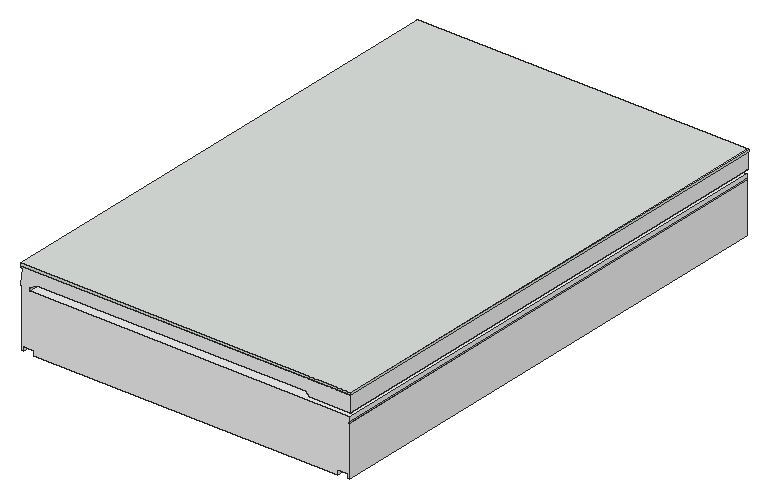
Revit family "Furniture-Mirrored_Cabinet-KOHLER-Verdera-K-99003", category Specialty Equipment, host Face, Revit 2015
Parameters (values of type "Adjustable Magnifying Mirror and Slow-Close Door-NA-Anodized Aluminum Construction")
  Width = 20"  # constant formula
  URL = "https://www.us.kohler.com/us/"
  Type = 1
  Recessed Installation [instance] = no
  Product Page URL = "http://www.us.kohler.com/us/catalog/productDetails.jsp?productNumber=99003-SCF"
  Product Name = "Verdera"  # constant formula
  Product Documentation Link = "http://www.us.kohler.com/onlinecatalog/pdf/K-99003-SCF_spec.pdf"
  Mounting Depth [instance] = if(Recessed Installation, 3 9/16", 0")  # 0"
  Model = if(Type = 1, "K-99003-NA", if(Type = 2, "K-99003-SCF-NA", "NA"))  # "K-99003-NA"
  Material = "Anodized Aluminum Construction "  # constant formula
  MasterFormat 2004 = "10.28.13"  # constant formula
  MasterFormat 1995 = "10820"  # constant formula
  Manufacturer Address = "444 Highland Dr, Kohler, WI 53044"  # constant formula
  Manufacturer = "KOHLER Co."  # constant formula
  Length = 4 3/4"  # constant formula
  Height = 30"  # constant formula
  Finish = Kohler-Metal-NA-Anodized_Aluminum
  Environmental Product Declaration = ""
  Description = if(Type = 1, "20IN W x 30IN H aluminum medicine cabinet with adjustable magnifying mirror and slow-close door", if(Type = 2, "aluminum medicine cabinet with adjustable flip-out flat mirror, 20IN W x 30IN H", "NA"))  # "20IN W x 30IN H aluminum medicine cabinet with adjustable magnifying mirror and slow-close door"
  Default Elevation = 48"
  Declare Label = ""
  Date Modified = "05/10/2018"  # constant formula
  Date Created = "05/10/2018"  # constant formula
  Copyright = "Copyright KOHLER Co."  # constant formula
  Contact Us = "https://www.us.kohler.com/us/static/contact.jsp"
  Assembly Code = "E20"
  ADA Compliant = 1 = 0  # no
Types (2): name | Type | Model | Description
  Adjustable Flip-Out Flat Mirror-NA-Anodized Aluminum Construction | 2 | "K-99003-SCF-NA" | "aluminum medicine cabinet with adjustable flip-out flat mirror, 20IN W x 30IN H"
  Adjustable Magnifying Mirror and Slow-Close Door-NA-Anodized Aluminum Construction | 1 | "K-99003-NA" | "20IN W x 30IN H aluminum medicine cabinet with adjustable magnifying mirror and slow-close door"
Reference planes (in)
  plane 1 "Center (Front/Back)": y = 0
  plane 2: z = 0
  plane 3 "Center (Left/Right)": x = 0
  plane 4 "Mirror Host": z = 0
  plane 5: y = -15.00001
  plane 6: z = 4.75
Forms (in)
  Extrusion 1, void
    sketch origin (0, 0, 0) x (1, 0, 0) y (0, 1, 0)
      loop
        line (10, 15) -> (-10, 15) -> (-10, -15) -> (10, -15) -> (10, 15)
    from -0.32436 to 4.75
Lines and regions (in)
  reference lines
    curve 1: line (10, 15.52231, 0) -> (10, 17.52231, 0)
Dimensions and locks (in)
  "Mounting Depth": plane 4 "Mirror Host" to level
  "Height": nested 1 to nested 1
  "Length": plane 6 to plane 4 "Mirror Host"
  locked: plane 4 "Mirror Host" to Extrusion 1 at 0.32436
  aligned and locked: plane 2 to host face
  aligned and locked: level to host face
  aligned and locked: plane 6 to nested 1
  aligned and locked: Extrusion 1 to nested 1
Automatic sketch dimensions
  host sketch curve to host sketch curve = 96"  (x2)
  curve 1 to plane 1 "Center (Front/Back)" = 15.52231"
  curve 1 to curve 1 = 2"
  Extrusion 1 sketch curve to plane 3 "Center (Left/Right)" = 10"
  plane 5 to Extrusion 1 sketch curve = 0"
  plane 3 "Center (Left/Right)" to Extrusion 1 sketch curve = 10"
  Extrusion 1 sketch curve to plane 1 "Center (Front/Back)" = 15"
  plane 3 "Center (Left/Right)" to curve 1 = 10"
Nested families (in)
  nested 1: "K-99003-SCF-NA" at (0, 0, 0.00064) x (-1, 0, 0) z (0, 0, 1), type "K-99003-SCF"
    with Mounting Depth 0"
Definition of nested family "K-99003-SCF-NA"
  Parameters (values of type "K-99003-SCF")
    Recessed Installation = no
    Mounting Depth [instance] = if(Recessed Installation, 3 9/16", 0")  # 0"
    Finish = none
  Reference planes (in)
    plane 1 "Center (Front/Back)": y = 0
    plane 2: z = 0
    plane 3 "Center (Left/Right)": x = 0
    plane 4: z = 0
  Forms (in)
    Extrusion 1, solid, material <- "Finish"
      sketch origin (0, 0, 0) x (-1, 0, 0) y (0, 0, 1)
        loop
          line (-9.92825, 3.0575) -> (-9.92825, 0.07) -> (-9.77825, 0.07) -> (-9.77825, 0.27) -> (-9.1875, 0.27) -> (-9.1875, 0) -> (9.1875, 0) -> (9.1875, 0.27) -> (9.77825, 0.27) -> (9.77825, 0.07) -> (9.92825, 0.07) -> (9.92825, 3.0575) -> (9.88325, 3.1025) -> (9.9225, 3.1025)
          arc (9.9225, 3.1025) -> (9.93488, 3.11631) -> (9.9375, 3.13467) r 0.03193
          line (9.9375, 3.13467) -> (9.9375, 3.40093)
          arc (9.9375, 3.40093) -> (9.92664, 3.4163) -> (9.90888, 3.4225) r 0.03086
          line (9.90888, 3.4225) -> (-9.90888, 3.4225)
          arc (-9.90888, 3.4225) -> (-9.92664, 3.4163) -> (-9.9375, 3.40093) r 0.03086
          line (-9.9375, 3.40093) -> (-9.9375, 3.13467)
          arc (-9.9375, 3.13467) -> (-9.93488, 3.11631) -> (-9.9225, 3.1025) r 0.03193
          line (-9.9225, 3.1025) -> (-9.88325, 3.1025) -> (-9.92825, 3.0575)
      from -15 to 15
    Extrusion 2, solid
      sketch origin (0, 0, -0.4375) x (-1, 0, 0) y (0, 0, 1)
        loop
          line (-10, 5.17186) -> (-10, 5.08186) -> (-9.97294, 5.06686) -> (9.97294, 5.06686) -> (10, 5.08186) -> (10, 5.17186) -> (9.97294, 5.18686) -> (-9.97294, 5.18686) -> (-10, 5.17186)
      from -15 to 15
    Extrusion 3, solid, material <- "Finish"
      sketch origin (0, 0, -0.4375) x (-1, 0, 0) y (0, 0, 1)
        loop
          line (-9.97, 5.04256) -> (-9.97, 5.01138)
          arc (-9.97, 5.01138) -> (-9.95653, 5.0018) -> (-9.94086, 4.99654) r 0.05645
          line (-9.94086, 4.99654) -> (-9.89038, 4.98139)
          arc (-9.89038, 4.98139) -> (-9.85868, 4.95859) -> (-9.84774, 4.92111) r 0.05994
          arc (-9.84774, 4.92111) -> (-9.88855, 4.49727) -> (-9.9699, 4.07931) r 4.4261
          arc (-9.9699, 4.07931) -> (-9.96622, 4.05866) -> (-9.94847, 4.0475) r 0.02591
          line (-9.94847, 4.0475) -> (-9.91694, 4.0475) -> (-9.91694, 4.01616)
          arc (-9.91694, 4.01616) -> (-9.91099, 3.93719) -> (-9.89327, 3.86) r 0.52684
          line (-9.89327, 3.86) -> (-9.44073, 3.86)
          arc (-9.44073, 3.86) -> (-9.42301, 3.93719) -> (-9.41706, 4.01616) r 0.52684
          line (-9.41706, 4.01616) -> (-9.41706, 4.0475)
          arc (-9.41706, 4.0475) -> (-9.39986, 4.04999) -> (-9.38478, 4.05861) r 0.04657
          line (-9.38478, 4.05861) -> (-9.04648, 4.30563)
          arc (-9.04648, 4.30563) -> (-9.03163, 4.3097) -> (-9.01656, 4.31286) r 0.25083
          line (-9.01656, 4.31286) -> (7.2302, 4.31286)
          arc (7.2302, 4.31286) -> (7.24536, 4.30945) -> (7.25993, 4.30407) r 0.11699
          line (7.25993, 4.30407) -> (7.48069, 4.08331)
          arc (7.48069, 4.08331) -> (7.49263, 4.07198) -> (7.50857, 4.06786) r 0.03288
          line (7.50857, 4.06786) -> (9.94, 4.06786)
          arc (9.94, 4.06786) -> (9.96121, 4.07665) -> (9.97, 4.09786) r 0.03
          line (9.97, 4.09786) -> (9.97, 5.04256)
          arc (9.97, 5.04256) -> (9.95767, 5.0534) -> (9.94179, 5.05756) r 0.03565
          arc (9.94179, 5.05756) -> (9.92406, 5.06079) -> (9.90709, 5.06686) r 0.11032
          line (9.90709, 5.06686) -> (-9.90709, 5.06686)
          arc (-9.90709, 5.06686) -> (-9.92406, 5.06079) -> (-9.94179, 5.05756) r 0.11032
          arc (-9.94179, 5.05756) -> (-9.95767, 5.0534) -> (-9.97, 5.04256) r 0.03565
      from -15 to 15
    Revolve 4, solid, material <- "Finish"
      sketch origin (0, -13.275, -0.4375) x (1, 0, 0) y (0, 0, 1)
        loop
          line (-8.217, 3.98136) -> (-8.217, 3.86) -> (-7.95, 3.86) -> (-7.95, 4.06786) -> (-8.291, 4.06786) -> (-8.291, 3.98136) -> (-8.217, 3.98136)
        axis (-7.95, 4.06786) -> (-7.95, 3.86)
      angle from 0 to 360
    Revolve 5, solid, material <- "Finish", detail levels medium+fine
      sketch origin (0, 13.275, -0.4375) x (1, 0, 0) y (0, 0, 1)
        loop
          line (-8.217, 3.98136) -> (-8.217, 3.86) -> (-7.95, 3.86) -> (-7.95, 4.06786) -> (-8.291, 4.06786) -> (-8.291, 3.98136) -> (-8.217, 3.98136)
        axis (-7.95, 4.06786) -> (-7.95, 3.86)
      angle from 0 to 360
    Extrusion 6, solid, material <- "Finish", not visible
      sketch origin (24.52383, 0, 18) x (-1, 0, 0) y (0, 0, 1)
        loop
          line (-9.92825, 3.495) -> (-9.92825, 0.07) -> (-9.77825, 0.07) -> (-9.77825, 0.27) -> (-9.1875, 0.27) -> (-9.1875, 0) -> (9.1875, 0) -> (9.1875, 0.27) -> (9.77825, 0.27) -> (9.77825, 0.07) -> (9.92825, 0.07) -> (9.92825, 3.495) -> (9.88325, 3.54) -> (9.9225, 3.54)
          arc (9.9225, 3.54) -> (9.93488, 3.55381) -> (9.9375, 3.57217) r 0.03193
          line (9.9375, 3.57217) -> (9.9375, 3.83843)
          arc (9.9375, 3.83843) -> (9.92664, 3.8538) -> (9.90888, 3.86) r 0.03086
          line (9.90888, 3.86) -> (-9.90888, 3.86)
          arc (-9.90888, 3.86) -> (-9.92664, 3.8538) -> (-9.9375, 3.83843) r 0.03086
          line (-9.9375, 3.83843) -> (-9.9375, 3.57217)
          arc (-9.9375, 3.57217) -> (-9.93488, 3.55381) -> (-9.9225, 3.54) r 0.03193
          line (-9.9225, 3.54) -> (-9.88325, 3.54) -> (-9.92825, 3.495)
      from -15 to 15
    Extrusion 7, solid, not visible
      sketch origin (24.52383, 0, 18) x (-1, 0, 0) y (0, 0, 1)
        loop
          line (-10, 5.17186) -> (-10, 5.08186) -> (-9.97294, 5.06686) -> (9.97294, 5.06686) -> (10, 5.08186) -> (10, 5.17186) -> (9.97294, 5.18686) -> (-9.97294, 5.18686) -> (-10, 5.17186)
      from -15 to 15
    Extrusion 8, solid, material <- "Finish", not visible
      sketch origin (24.52383, 0, 18) x (-1, 0, 0) y (0, 0, 1)
        loop
          line (-9.97, 5.04256) -> (-9.97, 5.01138)
          arc (-9.97, 5.01138) -> (-9.95653, 5.0018) -> (-9.94086, 4.99654) r 0.05645
          line (-9.94086, 4.99654) -> (-9.89038, 4.98139)
          arc (-9.89038, 4.98139) -> (-9.85868, 4.95859) -> (-9.84774, 4.92111) r 0.05994
          arc (-9.84774, 4.92111) -> (-9.88855, 4.49727) -> (-9.9699, 4.07931) r 4.4261
          arc (-9.9699, 4.07931) -> (-9.96622, 4.05866) -> (-9.94847, 4.0475) r 0.02591
          line (-9.94847, 4.0475) -> (-9.91694, 4.0475) -> (-9.91694, 4.01616)
          arc (-9.91694, 4.01616) -> (-9.91099, 3.93719) -> (-9.89327, 3.86) r 0.52684
          line (-9.89327, 3.86) -> (-9.44073, 3.86)
          arc (-9.44073, 3.86) -> (-9.42301, 3.93719) -> (-9.41706, 4.01616) r 0.52684
          line (-9.41706, 4.01616) -> (-9.41706, 4.0475)
          arc (-9.41706, 4.0475) -> (-9.39986, 4.04999) -> (-9.38478, 4.05861) r 0.04657
          line (-9.38478, 4.05861) -> (-9.04648, 4.30563)
          arc (-9.04648, 4.30563) -> (-9.03163, 4.3097) -> (-9.01656, 4.31286) r 0.25083
          line (-9.01656, 4.31286) -> (7.2302, 4.31286)
          arc (7.2302, 4.31286) -> (7.24536, 4.30945) -> (7.25993, 4.30407) r 0.11699
          line (7.25993, 4.30407) -> (7.48069, 4.08331)
          arc (7.48069, 4.08331) -> (7.49263, 4.07198) -> (7.50857, 4.06786) r 0.03288
          line (7.50857, 4.06786) -> (9.94, 4.06786)
          arc (9.94, 4.06786) -> (9.96121, 4.07665) -> (9.97, 4.09786) r 0.03
          line (9.97, 4.09786) -> (9.97, 5.04256)
          arc (9.97, 5.04256) -> (9.95767, 5.0534) -> (9.94179, 5.05756) r 0.03565
          arc (9.94179, 5.05756) -> (9.92406, 5.06079) -> (9.90709, 5.06686) r 0.11032
          line (9.90709, 5.06686) -> (-9.90709, 5.06686)
          arc (-9.90709, 5.06686) -> (-9.92406, 5.06079) -> (-9.94179, 5.05756) r 0.11032
          arc (-9.94179, 5.05756) -> (-9.95767, 5.0534) -> (-9.97, 5.04256) r 0.03565
      from -15 to 15
    Revolve 9, solid, material <- "Finish", not visible
      sketch origin (24.52383, -13.275, 18) x (1, 0, 0) y (0, 0, 1)
        loop
          line (-8.217, 3.98136) -> (-8.217, 3.86) -> (-7.95, 3.86) -> (-7.95, 4.06786) -> (-8.291, 4.06786) -> (-8.291, 3.98136) -> (-8.217, 3.98136)
        axis (-7.95, 4.06786) -> (-7.95, 3.86)
      angle from 0 to 360
    Revolve 10, solid, material <- "Finish", not visible
      sketch origin (24.52383, 13.275, 18) x (1, 0, 0) y (0, 0, 1)
        loop
          line (-8.217, 3.98136) -> (-8.217, 3.86) -> (-7.95, 3.86) -> (-7.95, 4.06786) -> (-8.291, 4.06786) -> (-8.291, 3.98136) -> (-8.217, 3.98136)
        axis (-7.95, 4.06786) -> (-7.95, 3.86)
      angle from 0 to 360
    Extrusion 11, solid, material <- "Finish", not visible
      sketch origin (0, 0, 0) x (-1, 0, 0) y (0, 0, 1)
        loop
          line (-9.92825, 3.0575) -> (-9.92825, 0.07) -> (-9.77825, 0.07) -> (-9.77825, 0.27) -> (-9.1875, 0.27) -> (-9.1875, 0) -> (9.1875, 0) -> (9.1875, 0.27) -> (9.77825, 0.27) -> (9.77825, 0.07) -> (9.92825, 0.07) -> (9.92825, 3.0575) -> (9.88325, 3.1025) -> (9.9225, 3.1025)
          arc (9.9225, 3.1025) -> (9.93488, 3.11631) -> (9.9375, 3.13467) r 0.03193
          line (9.9375, 3.13467) -> (9.9375, 3.40093)
          arc (9.9375, 3.40093) -> (9.92664, 3.4163) -> (9.90888, 3.4225) r 0.03086
          line (9.90888, 3.4225) -> (-9.90888, 3.4225)
          arc (-9.90888, 3.4225) -> (-9.92664, 3.4163) -> (-9.9375, 3.40093) r 0.03086
          line (-9.9375, 3.40093) -> (-9.9375, 3.13467)
          arc (-9.9375, 3.13467) -> (-9.93488, 3.11631) -> (-9.9225, 3.1025) r 0.03193
          line (-9.9225, 3.1025) -> (-9.88325, 3.1025) -> (-9.92825, 3.0575)
      from -15 to 15
    Extrusion 12, solid, not visible
      sketch origin (0, 0, -0.4375) x (-1, 0, 0) y (0, 0, 1)
        loop
          line (-10, 5.17186) -> (-10, 5.08186) -> (-9.97294, 5.06686) -> (9.97294, 5.06686) -> (10, 5.08186) -> (10, 5.17186) -> (9.97294, 5.18686) -> (-9.97294, 5.18686) -> (-10, 5.17186)
      from -15 to 15
    Extrusion 13, solid, material <- "Finish", not visible
      sketch origin (0, 0, -0.4375) x (-1, 0, 0) y (0, 0, 1)
        loop
          line (-9.97, 5.04256) -> (-9.97, 5.01138)
          arc (-9.97, 5.01138) -> (-9.95653, 5.0018) -> (-9.94086, 4.99654) r 0.05645
          line (-9.94086, 4.99654) -> (-9.89038, 4.98139)
          arc (-9.89038, 4.98139) -> (-9.85868, 4.95859) -> (-9.84774, 4.92111) r 0.05994
          arc (-9.84774, 4.92111) -> (-9.88855, 4.49727) -> (-9.9699, 4.07931) r 4.4261
          arc (-9.9699, 4.07931) -> (-9.96622, 4.05866) -> (-9.94847, 4.0475) r 0.02591
          line (-9.94847, 4.0475) -> (-9.91694, 4.0475) -> (-9.91694, 4.01616)
          arc (-9.91694, 4.01616) -> (-9.91099, 3.93719) -> (-9.89327, 3.86) r 0.52684
          line (-9.89327, 3.86) -> (-9.44073, 3.86)
          arc (-9.44073, 3.86) -> (-9.42301, 3.93719) -> (-9.41706, 4.01616) r 0.52684
          line (-9.41706, 4.01616) -> (-9.41706, 4.0475)
          arc (-9.41706, 4.0475) -> (-9.39986, 4.04999) -> (-9.38478, 4.05861) r 0.04657
          line (-9.38478, 4.05861) -> (-9.04648, 4.30563)
          arc (-9.04648, 4.30563) -> (-9.03163, 4.3097) -> (-9.01656, 4.31286) r 0.25083
          line (-9.01656, 4.31286) -> (7.2302, 4.31286)
          arc (7.2302, 4.31286) -> (7.24536, 4.30945) -> (7.25993, 4.30407) r 0.11699
          line (7.25993, 4.30407) -> (7.48069, 4.08331)
          arc (7.48069, 4.08331) -> (7.49263, 4.07198) -> (7.50857, 4.06786) r 0.03288
          line (7.50857, 4.06786) -> (9.94, 4.06786)
          arc (9.94, 4.06786) -> (9.96121, 4.07665) -> (9.97, 4.09786) r 0.03
          line (9.97, 4.09786) -> (9.97, 5.04256)
          arc (9.97, 5.04256) -> (9.95767, 5.0534) -> (9.94179, 5.05756) r 0.03565
          arc (9.94179, 5.05756) -> (9.92406, 5.06079) -> (9.90709, 5.06686) r 0.11032
          line (9.90709, 5.06686) -> (-9.90709, 5.06686)
          arc (-9.90709, 5.06686) -> (-9.92406, 5.06079) -> (-9.94179, 5.05756) r 0.11032
          arc (-9.94179, 5.05756) -> (-9.95767, 5.0534) -> (-9.97, 5.04256) r 0.03565
      from -15 to 15
    Revolve 14, solid, material <- "Finish", not visible
      sketch origin (0, -13.275, -0.4375) x (1, 0, 0) y (0, 0, 1)
        loop
          line (-8.217, 3.98136) -> (-8.217, 3.86) -> (-7.95, 3.86) -> (-7.95, 4.06786) -> (-8.291, 4.06786) -> (-8.291, 3.98136) -> (-8.217, 3.98136)
        axis (-7.95, 4.06786) -> (-7.95, 3.86)
      angle from 0 to 360
    Revolve 15, solid, material <- "Finish", not visible, detail levels medium+fine
      sketch origin (0, 13.275, -0.4375) x (1, 0, 0) y (0, 0, 1)
        loop
          line (-8.217, 3.98136) -> (-8.217, 3.86) -> (-7.95, 3.86) -> (-7.95, 4.06786) -> (-8.291, 4.06786) -> (-8.291, 3.98136) -> (-8.217, 3.98136)
        axis (-7.95, 4.06786) -> (-7.95, 3.86)
      angle from 0 to 360
  Cuts and joins
    joined: Extrusion 1, Extrusion 3, Revolve 4
  Lines and regions (in)
    Masking region 1
      outline origin (0, 0, 0) x (1, 0, 0) y (0, 1, 0)
        loop
          line (-10, 15) -> (-10, -15) -> (10, -15) -> (10, 15) -> (-10, 15)
    Masking region 2
      outline origin (0, 0, 0) x (1, 0, 0) y (0, 0, 1)
        loop
          line (-9.1875, 0) -> (9.1875, 0) -> (9.1875, 0.27) -> (9.77825, 0.27) -> (9.77825, 0.07) -> (9.92825, 0.07) -> (9.92825, 3.0575) -> (9.88325, 3.1025) -> (9.9225, 3.1025)
          arc (9.9225, 3.1025) -> (9.93488, 3.11631) -> (9.9375, 3.13467) r 0.03193
          line (9.9375, 3.13467) -> (9.9375, 3.61) -> (9.97782, 3.61)
          arc (9.97782, 3.61) -> (9.89215, 4.04373) -> (9.84774, 4.48361) r 4.68655
          arc (9.84774, 4.48361) -> (9.85868, 4.52109) -> (9.89038, 4.54389) r 0.05994
          line (9.89038, 4.54389) -> (9.94086, 4.55904)
          arc (9.94086, 4.55904) -> (9.95653, 4.5643) -> (9.97, 4.57388) r 0.05645
          line (9.97, 4.57388) -> (9.97, 4.60506)
          arc (9.97, 4.60506) -> (9.95767, 4.6159) -> (9.94179, 4.62006) r 0.03565
          arc (9.94179, 4.62006) -> (9.92406, 4.62329) -> (9.90709, 4.62936) r 0.11032
          line (9.90709, 4.62936) -> (9.97294, 4.62936) -> (10, 4.64436) -> (10, 4.73436) -> (9.97294, 4.74936) -> (-9.97294, 4.74936) -> (-10, 4.73436) -> (-10, 4.64436) -> (-9.97294, 4.62936) -> (-9.90709, 4.62936)
          arc (-9.90709, 4.62936) -> (-9.92406, 4.62329) -> (-9.94179, 4.62006) r 0.11032
          arc (-9.94179, 4.62006) -> (-9.95767, 4.6159) -> (-9.97, 4.60506) r 0.03565
          line (-9.97, 4.60506) -> (-9.97, 0.07) -> (-9.77825, 0.07) -> (-9.77825, 0.27) -> (-9.1875, 0.27) -> (-9.1875, 0)
    Masking region 3
      outline origin (0, 0, 0) x (0, 1, 0) y (0, 0, 1)
        loop
          line (-15, 0) -> (15, 0) -> (15, 4.74936) -> (-15, 4.74936) -> (-15, 0)
    symbolic lines, detail levels medium+fine
      curve 1: line (-9.94, 0, 3.63036) -> (-7.50857, 0, 3.63036)
      curve 2: arc (-7.48069, 0, 3.64581) -> (-7.49263, 0, 3.63448) -> (-7.50857, 0, 3.63036) r 0.03288
      curve 3: line (-7.48069, 0, 3.64581) -> (-7.25993, 0, 3.86657)
      curve 4: arc (-7.2302, 0, 3.87536) -> (-7.24536, 0, 3.87195) -> (-7.25993, 0, 3.86657) r 0.11699
      curve 5: line (-7.2302, 0, 3.87536) -> (9.01656, 0, 3.87536)
      curve 6: line (0, 15, 3.4225) -> (0, -15, 3.4225)
      curve 7: line (0, -15, 3.63036) -> (0, 15, 3.63036)
      curve 8: line (0, -15, 3.64581) -> (0, 15, 3.64581)
      curve 9: line (0, -15, 3.40093) -> (0, 15, 3.40093)
      curve 10: line (0, 12.934, 3.54386) -> (0, 13.275, 3.54386)
      curve 11: line (0, 12.934, 3.54386) -> (0, 13.61601, 3.54386)
      curve 12: line (0, -15, 4.73436) -> (0, 15, 4.73436)
      curve 13: line (0, -15, 4.64436) -> (0, 15, 4.64436)
      curve 14: line (0, -15, 4.55904) -> (0, 15, 4.55904)
      curve 15: line (0, 15, 4.57388) -> (0, -15, 4.57388)
      curve 16: line (0, -15, 4.60506) -> (0, 15, 4.60506)
      curve 17: line (0, -15, 4.62936) -> (0, 15, 4.62936)
      curve 18: line (0, -15, 4.62006) -> (0, 15, 4.62006)
      curve 19: line (0, -15, 3.0575) -> (0, 15, 3.0575)
      curve 20: line (0, -15, 3.1025) -> (0, 15, 3.1025)
      curve 21: line (0, -15, 3.13467) -> (0, 15, 3.13467)
      curve 22: line (0, -15, 0.27) -> (0, 15, 0.27)
      curve 23: line (0, -15, 0.07) -> (0, 15, 0.07)
      curve 24: line (0, -13.616, 3.54386) -> (0, -12.934, 3.54386)
      curve 25: line (0, -13.008, 3.4225) -> (0, -13.008, 3.54386)
      curve 26: line (0, -13.542, 3.4225) -> (0, -13.542, 3.54386)
      curve 27: line (0, -12.934, 3.54386) -> (0, -12.934, 3.63036)
      curve 28: line (0, -13.616, 3.54386) -> (0, -13.616, 3.63036)
      curve 29: line (0, 13.542, 3.4225) -> (0, 13.542, 3.54386)
      curve 30: line (0, 13.008, 3.4225) -> (0, 13.008, 3.54386)
      curve 31: line (0, 13.61601, 3.54386) -> (0, 13.61601, 3.63036)
      curve 32: line (0, 12.934, 3.54386) -> (0, 12.934, 3.63036)
      curve 33: line (9.04648, 0, 3.86813) -> (9.38478, 0, 3.62111)
      curve 34: arc (9.41706, 0, 3.61) -> (9.39986, 0, 3.61249) -> (9.38478, 0, 3.62111) r 0.04657
      curve 35: line (9.41706, 0, 3.61) -> (9.41706, 0, 3.57866)
      curve 36: arc (9.44073, 0, 3.4225) -> (9.42301, 0, 3.49969) -> (9.41706, 0, 3.57866) r 0.52684
      curve 37: line (9.9375, 0, 3.4225) -> (-9.97, 0, 3.4225)
      curve 38: line (-8.291, 0, 3.54386) -> (-7.609, 0, 3.54386)
      curve 39: line (-8.217, 0, 3.4225) -> (-8.217, 0, 3.54386)
      curve 40: line (-7.683, 0, 3.4225) -> (-7.683, 0, 3.54386)
      curve 41: line (-7.609, 0, 3.54386) -> (-7.609, 0, 3.63036)
      curve 42: line (-8.291, 0, 3.54386) -> (-8.291, 0, 3.63036)
      curve 43: line (9.90709, 0, 4.62936) -> (-9.90709, 0, 4.62936)
      curve 44: arc (9.04648, 0, 3.86813) -> (9.03163, 0, 3.8722) -> (9.01656, 0, 3.87536) r 0.25083
      curve 45: line (9.97294, 0, 4.74936) -> (-9.97294, 0, 4.74936)
      curve 46: line (0, 15, 4.74936) -> (0, -15, 4.74936)
  Dimensions and locks (in)
    "Mounting Depth": Extrusion 1 to plane 4
    Extrusion 2 to Extrusion 1 = 4.74936"
    aligned and locked: plane 2 to level
    aligned and locked: Masking region 2 sketch curve to cut or joined group of Extrusion 1, Extrusion 3, Revolve 4  (x10)
    aligned and locked: Masking region 2 sketch curve to Extrusion 2
    aligned and locked: curve 1 to cut or joined group of Extrusion 1, Extrusion 3, Revolve 4
    aligned and locked: curve 2 to cut or joined group of Extrusion 1, Extrusion 3, Revolve 4
    aligned and locked: curve 3 to cut or joined group of Extrusion 1, Extrusion 3, Revolve 4
    aligned and locked: curve 4 to cut or joined group of Extrusion 1, Extrusion 3, Revolve 4
    aligned and locked: curve 5 to cut or joined group of Extrusion 1, Extrusion 3, Revolve 4
    aligned and locked: Masking region 3 sketch curve to cut or joined group of Extrusion 1, Extrusion 3, Revolve 4  (x3)
    aligned and locked: Masking region 3 sketch curve to Extrusion 2
    aligned and locked: curve 6 to cut or joined group of Extrusion 1, Extrusion 3, Revolve 4
    aligned and locked: curve 8 to cut or joined group of Extrusion 1, Extrusion 3, Revolve 4
    aligned and locked: curve 9 to cut or joined group of Extrusion 1, Extrusion 3, Revolve 4
    aligned and locked: curve 12 to Extrusion 2
    aligned and locked: curve 13 to Extrusion 2
    aligned and locked: curve 14 to cut or joined group of Extrusion 1, Extrusion 3, Revolve 4
    aligned and locked: curve 15 to cut or joined group of Extrusion 1, Extrusion 3, Revolve 4
    aligned and locked: curve 16 to cut or joined group of Extrusion 1, Extrusion 3, Revolve 4
    aligned and locked: curve 17 to Extrusion 2
    aligned and locked: curve 18 to cut or joined group of Extrusion 1, Extrusion 3, Revolve 4
    aligned and locked: curve 19 to cut or joined group of Extrusion 1, Extrusion 3, Revolve 4
    aligned and locked: curve 20 to cut or joined group of Extrusion 1, Extrusion 3, Revolve 4
    aligned and locked: curve 21 to cut or joined group of Extrusion 1, Extrusion 3, Revolve 4
    aligned and locked: curve 22 to cut or joined group of Extrusion 1, Extrusion 3, Revolve 4
    aligned and locked: curve 23 to cut or joined group of Extrusion 1, Extrusion 3, Revolve 4
    aligned and locked: curve 24 to cut or joined group of Extrusion 1, Extrusion 3, Revolve 4
    aligned and locked: curve 33 to cut or joined group of Extrusion 1, Extrusion 3, Revolve 4
    aligned and locked: curve 34 to cut or joined group of Extrusion 1, Extrusion 3, Revolve 4
    aligned and locked: curve 35 to cut or joined group of Extrusion 1, Extrusion 3, Revolve 4
    aligned and locked: curve 36 to cut or joined group of Extrusion 1, Extrusion 3, Revolve 4
    aligned and locked: curve 37 to cut or joined group of Extrusion 1, Extrusion 3, Revolve 4
    aligned and locked: Masking region 2 to curve 37  (x2)
    aligned and locked: curve 38 to cut or joined group of Extrusion 1, Extrusion 3, Revolve 4
    aligned and locked: curve 39 to Revolve 5
    aligned and locked: curve 40 to Revolve 5
    aligned and locked: curve 41 to Revolve 5
    aligned and locked: curve 42 to Revolve 5
    aligned and locked: curve 43 to cut or joined group of Extrusion 1, Extrusion 3, Revolve 4
    aligned and locked: curve 44 to cut or joined group of Extrusion 1, Extrusion 3, Revolve 4
  Automatic sketch dimensions
    Extrusion 1 sketch curve to Extrusion 1 sketch curve = 0.00925"
    Extrusion 1 sketch curve to Extrusion 1 sketch curve = 0.015"
    Extrusion 1 sketch curve to Extrusion 1 sketch curve = 0.02862"
    Extrusion 1 sketch curve to Extrusion 1 sketch curve = 0.02943"
    Extrusion 1 sketch curve to Extrusion 1 sketch curve = 0.03156"  (x2)
    Extrusion 1 sketch curve to Extrusion 1 sketch curve = 0.02269"  (x2)
    Extrusion 1 sketch curve to Extrusion 1 sketch curve = 0.15"
    Extrusion 1 sketch curve to Extrusion 1 sketch curve = 0.59075"  (x2)
    Extrusion 1 sketch curve to Extrusion 1 sketch curve = 0.105"
    Extrusion 1 sketch curve to Extrusion 1 sketch curve = 0.00213"
    Extrusion 1 sketch curve to Extrusion 1 sketch curve = 0.00081"
    Extrusion 1 sketch curve to Extrusion 1 sketch curve = 0.01656"
    Extrusion 1 sketch curve to Extrusion 1 sketch curve = 0.00575"
    Extrusion 1 sketch curve to Extrusion 1 sketch curve = 0.07"  (x2)
    Extrusion 1 sketch curve to Extrusion 1 sketch curve = 0.2"  (x2)
    Extrusion 1 sketch curve to Extrusion 1 sketch curve = 2.7875"  (x2)
    Extrusion 1 sketch curve to Extrusion 1 sketch curve = 0.045"  (x2)
    Extrusion 1 sketch curve to Extrusion 1 sketch curve = 0.0273"  (x2)
    Extrusion 1 sketch curve to Extrusion 1 sketch curve = 0.25698"  (x2)
    Extrusion 1 sketch curve to Extrusion 1 sketch curve = 0.03085"
    Extrusion 2 sketch curve to Extrusion 2 sketch curve = 0.02706"  (x3)
    Extrusion 2 sketch curve to Extrusion 2 sketch curve = 0"
    Extrusion 2 sketch curve to Extrusion 2 sketch curve = 0.015"  (x3)
    Extrusion 2 sketch curve to Extrusion 2 sketch curve = 0.09"  (x2)
    Extrusion 3 sketch curve to Extrusion 3 sketch curve = 4.29878"
    Extrusion 3 sketch curve to Extrusion 3 sketch curve = 0.01739"
    Extrusion 3 sketch curve to Extrusion 3 sketch curve = 0.02153"
    Extrusion 3 sketch curve to Extrusion 3 sketch curve = 0.00374"
    Extrusion 3 sketch curve to Extrusion 3 sketch curve = 0.00457"
    Extrusion 3 sketch curve to Extrusion 3 sketch curve = 0.02907"  (x2)
    Extrusion 3 sketch curve to Extrusion 3 sketch curve = 0.00007"
    Extrusion 3 sketch curve to Extrusion 3 sketch curve = 0.01003"
    Extrusion 3 sketch curve to Extrusion 3 sketch curve = 0.03153"
    Extrusion 3 sketch curve to Extrusion 3 sketch curve = 0.03325"
    Extrusion 3 sketch curve to Extrusion 3 sketch curve = 0.02381"
    Extrusion 3 sketch curve to Extrusion 3 sketch curve = 0.02367"  (x2)
    Extrusion 3 sketch curve to Extrusion 3 sketch curve = 0.05048"
    Extrusion 3 sketch curve to Extrusion 3 sketch curve = 0.45254"
    Extrusion 3 sketch curve to Extrusion 3 sketch curve = 0.00203"
    Extrusion 3 sketch curve to Extrusion 3 sketch curve = 0.02695"
    Extrusion 3 sketch curve to Extrusion 3 sketch curve = 0.03228"
    Extrusion 3 sketch curve to Extrusion 3 sketch curve = 0.3383"
    Extrusion 3 sketch curve to Extrusion 3 sketch curve = 0.07379"
    Extrusion 3 sketch curve to Extrusion 3 sketch curve = 16.1849"
    Extrusion 3 sketch curve to Extrusion 3 sketch curve = 0.04773"
    Extrusion 3 sketch curve to Extrusion 3 sketch curve = 0.26849"
    Extrusion 3 sketch curve to Extrusion 3 sketch curve = 0.02788"
    Extrusion 3 sketch curve to Extrusion 3 sketch curve = 2.39852"
    Extrusion 3 sketch curve to Extrusion 3 sketch curve = 0.03291"
    Extrusion 3 sketch curve to Extrusion 3 sketch curve = 0.03384"
    Extrusion 3 sketch curve to Extrusion 3 sketch curve = 0.04552"
    Extrusion 3 sketch curve to Extrusion 3 sketch curve = 0.05741"
    Extrusion 3 sketch curve to Extrusion 3 sketch curve = 0.61835"
    Extrusion 3 sketch curve to Extrusion 3 sketch curve = 0.00155"
    Extrusion 3 sketch curve to Extrusion 3 sketch curve = 0.10681"
    Extrusion 3 sketch curve to Extrusion 3 sketch curve = 0.09652"
    Extrusion 3 sketch curve to Extrusion 3 sketch curve = 0.00288"
    Extrusion 3 sketch curve to Extrusion 3 sketch curve = 0.2116"
    Extrusion 3 sketch curve to Extrusion 3 sketch curve = 0.02089"
    Extrusion 3 sketch curve to Extrusion 3 sketch curve = 0.23973"
    Extrusion 3 sketch curve to Extrusion 3 sketch curve = 0.03541"
    Extrusion 3 sketch curve to Extrusion 3 sketch curve = 0.02564"
    Extrusion 3 sketch curve to Extrusion 3 sketch curve = 0.03134"
    Extrusion 3 sketch curve to Extrusion 3 sketch curve = 0.01515"
    Extrusion 3 sketch curve to Extrusion 3 sketch curve = 0.01485"
    Extrusion 3 sketch curve to Extrusion 3 sketch curve = 0.02538"
    Extrusion 3 sketch curve to Extrusion 3 sketch curve = 0.92406"
    Extrusion 3 sketch curve to Extrusion 3 sketch curve = 0.03118"
    Extrusion 3 sketch curve to Extrusion 3 sketch curve = 0.02064"
    Extrusion 3 sketch curve to Extrusion 3 sketch curve = 0.01476"
    Extrusion 3 sketch curve to Extrusion 3 sketch curve = 0.09031"
    Extrusion 3 sketch curve to Extrusion 3 sketch curve = 0.10049"  (x2)
    Extrusion 3 sketch curve to Extrusion 3 sketch curve = 0"
    Extrusion 3 sketch curve to Extrusion 3 sketch curve = 0.02992"
    Revolve 4 sketch curve to Revolve 4 sketch curve = 0.074"
    Revolve 4 sketch curve to Revolve 4 sketch curve = 0.267"
    Revolve 4 sketch curve to Revolve 4 sketch curve = 0.12136"
    Revolve 4 sketch curve to Revolve 4 sketch curve = 0.20786"
    Revolve 4 sketch curve to Revolve 4 sketch curve = 0"
    Revolve 4 sketch curve to Revolve 4 sketch curve = 0.34762"
    Revolve 4 sketch curve to Revolve 4 sketch curve = 0.19452"
    Revolve 5 sketch curve to Revolve 5 sketch curve = 0.074"
    Revolve 5 sketch curve to Revolve 5 sketch curve = 0.267"
    Revolve 5 sketch curve to Revolve 5 sketch curve = 0.12136"
    Revolve 5 sketch curve to Revolve 5 sketch curve = 0.20786"
    Revolve 5 sketch curve to Revolve 5 sketch curve = 0"
    Revolve 5 sketch curve to Revolve 5 sketch curve = 0.27612"
    Revolve 5 sketch curve to Revolve 5 sketch curve = 0.22938"
    Extrusion 1 sketch curve to Extrusion 1 sketch curve = 18 3/8"
    Extrusion 2 sketch curve to Extrusion 2 sketch curve = 19.94588"
    Extrusion 6 sketch curve to Extrusion 6 sketch curve = 0.00925"
    Extrusion 6 sketch curve to Extrusion 6 sketch curve = 0.015"
    Extrusion 6 sketch curve to Extrusion 6 sketch curve = 0.02862"
    Extrusion 6 sketch curve to Extrusion 6 sketch curve = 0.02943"
    Extrusion 6 sketch curve to Extrusion 6 sketch curve = 0.03156"  (x2)
    Extrusion 6 sketch curve to Extrusion 6 sketch curve = 0.02269"  (x2)
    Extrusion 6 sketch curve to Extrusion 6 sketch curve = 0.15"
    Extrusion 6 sketch curve to Extrusion 6 sketch curve = 0.59075"  (x2)
    Extrusion 6 sketch curve to Extrusion 6 sketch curve = 0.105"
    Extrusion 6 sketch curve to Extrusion 6 sketch curve = 0.00213"
    Extrusion 6 sketch curve to Extrusion 6 sketch curve = 0.00081"
    Extrusion 6 sketch curve to Extrusion 6 sketch curve = 0.01656"
    Extrusion 6 sketch curve to Extrusion 6 sketch curve = 0.00575"
    Extrusion 6 sketch curve to Extrusion 6 sketch curve = 0.07"  (x2)
    Extrusion 6 sketch curve to Extrusion 6 sketch curve = 0.2"  (x2)
    Extrusion 6 sketch curve to Extrusion 6 sketch curve = 3.225"  (x2)
    Extrusion 6 sketch curve to Extrusion 6 sketch curve = 0.045"  (x2)
    Extrusion 6 sketch curve to Extrusion 6 sketch curve = 0.0273"  (x2)
    Extrusion 6 sketch curve to Extrusion 6 sketch curve = 0.25698"  (x2)
    Extrusion 6 sketch curve to Extrusion 6 sketch curve = 0.03085"
    Extrusion 7 sketch curve to Extrusion 7 sketch curve = 0.02706"  (x3)
    Extrusion 7 sketch curve to Extrusion 7 sketch curve = 0"
    Extrusion 7 sketch curve to Extrusion 7 sketch curve = 0.015"  (x3)
    Extrusion 7 sketch curve to Extrusion 7 sketch curve = 0.09"  (x2)
    Extrusion 8 sketch curve to Extrusion 8 sketch curve = 4.29878"
    Extrusion 8 sketch curve to Extrusion 8 sketch curve = 0.01739"
    Extrusion 8 sketch curve to Extrusion 8 sketch curve = 0.02153"
    Extrusion 8 sketch curve to Extrusion 8 sketch curve = 0.00374"
    Extrusion 8 sketch curve to Extrusion 8 sketch curve = 0.00457"
    Extrusion 8 sketch curve to Extrusion 8 sketch curve = 0.02907"  (x2)
    Extrusion 8 sketch curve to Extrusion 8 sketch curve = 0.00007"
    Extrusion 8 sketch curve to Extrusion 8 sketch curve = 0.01003"
    Extrusion 8 sketch curve to Extrusion 8 sketch curve = 0.03153"
    Extrusion 8 sketch curve to Extrusion 8 sketch curve = 0.03325"
    Extrusion 8 sketch curve to Extrusion 8 sketch curve = 0.02381"
    Extrusion 8 sketch curve to Extrusion 8 sketch curve = 0.02367"  (x2)
    Extrusion 8 sketch curve to Extrusion 8 sketch curve = 0.05048"
    Extrusion 8 sketch curve to Extrusion 8 sketch curve = 0.45254"
    Extrusion 8 sketch curve to Extrusion 8 sketch curve = 0.00203"
    Extrusion 8 sketch curve to Extrusion 8 sketch curve = 0.02695"
    Extrusion 8 sketch curve to Extrusion 8 sketch curve = 0.03228"
    Extrusion 8 sketch curve to Extrusion 8 sketch curve = 0.3383"
    Extrusion 8 sketch curve to Extrusion 8 sketch curve = 0.07379"
    Extrusion 8 sketch curve to Extrusion 8 sketch curve = 16.1849"
    Extrusion 8 sketch curve to Extrusion 8 sketch curve = 0.04773"
    Extrusion 8 sketch curve to Extrusion 8 sketch curve = 0.26849"
    Extrusion 8 sketch curve to Extrusion 8 sketch curve = 0.02788"
    Extrusion 8 sketch curve to Extrusion 8 sketch curve = 2.39852"
    Extrusion 8 sketch curve to Extrusion 8 sketch curve = 0.03291"
    Extrusion 8 sketch curve to Extrusion 8 sketch curve = 0.03384"
    Extrusion 8 sketch curve to Extrusion 8 sketch curve = 0.04552"
    Extrusion 8 sketch curve to Extrusion 8 sketch curve = 0.05741"
    Extrusion 8 sketch curve to Extrusion 8 sketch curve = 0.61835"
    Extrusion 8 sketch curve to Extrusion 8 sketch curve = 0.00155"
    Extrusion 8 sketch curve to Extrusion 8 sketch curve = 0.10681"
    Extrusion 8 sketch curve to Extrusion 8 sketch curve = 0.09652"
    Extrusion 8 sketch curve to Extrusion 8 sketch curve = 0.00288"
    Extrusion 8 sketch curve to Extrusion 8 sketch curve = 0.2116"
    Extrusion 8 sketch curve to Extrusion 8 sketch curve = 0.02089"
    Extrusion 8 sketch curve to Extrusion 8 sketch curve = 0.23973"
    Extrusion 8 sketch curve to Extrusion 8 sketch curve = 0.03541"
    Extrusion 8 sketch curve to Extrusion 8 sketch curve = 0.02564"
    Extrusion 8 sketch curve to Extrusion 8 sketch curve = 0.03134"
    Extrusion 8 sketch curve to Extrusion 8 sketch curve = 0.01515"
    Extrusion 8 sketch curve to Extrusion 8 sketch curve = 0.01485"
    Extrusion 8 sketch curve to Extrusion 8 sketch curve = 0.02538"
    Extrusion 8 sketch curve to Extrusion 8 sketch curve = 0.92406"
    Extrusion 8 sketch curve to Extrusion 8 sketch curve = 0.03118"
    Extrusion 8 sketch curve to Extrusion 8 sketch curve = 0.02064"
    Extrusion 8 sketch curve to Extrusion 8 sketch curve = 0.01476"
    Extrusion 8 sketch curve to Extrusion 8 sketch curve = 0.09031"
    Extrusion 8 sketch curve to Extrusion 8 sketch curve = 0.10049"  (x2)
    Extrusion 8 sketch curve to Extrusion 8 sketch curve = 0"
    Extrusion 8 sketch curve to Extrusion 8 sketch curve = 0.02992"
    Revolve 9 sketch curve to Revolve 9 sketch curve = 0.074"
    Revolve 9 sketch curve to Revolve 9 sketch curve = 0.267"
    Revolve 9 sketch curve to Revolve 9 sketch curve = 0.12136"
    Revolve 9 sketch curve to Revolve 9 sketch curve = 0.20786"
    Revolve 9 sketch curve to Revolve 9 sketch curve = 0"
    Revolve 9 sketch curve to Revolve 9 sketch curve = 0.34762"
    Revolve 9 sketch curve to Revolve 9 sketch curve = 0.19452"
    Revolve 10 sketch curve to Revolve 10 sketch curve = 0.074"
    Revolve 10 sketch curve to Revolve 10 sketch curve = 0.267"
    Revolve 10 sketch curve to Revolve 10 sketch curve = 0.12136"
    Revolve 10 sketch curve to Revolve 10 sketch curve = 0.20786"
    Revolve 10 sketch curve to Revolve 10 sketch curve = 0"
    Revolve 10 sketch curve to Revolve 10 sketch curve = 0.27612"
    Revolve 10 sketch curve to Revolve 10 sketch curve = 0.22938"
    Extrusion 6 sketch curve to Extrusion 6 sketch curve = 18 3/8"
    Extrusion 7 sketch curve to Extrusion 7 sketch curve = 19.94588"
    Masking region 1 sketch curve to plane 3 "Center (Left/Right)" = 10"
    Masking region 1 sketch curve to plane 1 "Center (Front/Back)" = 15"
    plane 3 "Center (Left/Right)" to Masking region 1 sketch curve = 10"
    plane 1 "Center (Front/Back)" to Masking region 1 sketch curve = 15"
    Extrusion 11 sketch curve to Extrusion 11 sketch curve = 0.00925"
    Extrusion 11 sketch curve to Extrusion 11 sketch curve = 0.015"
    Extrusion 11 sketch curve to Extrusion 11 sketch curve = 0.02862"
    Extrusion 11 sketch curve to Extrusion 11 sketch curve = 0.02943"
    Extrusion 11 sketch curve to Extrusion 11 sketch curve = 0.03156"  (x2)
    Extrusion 11 sketch curve to Extrusion 11 sketch curve = 0.02269"  (x2)
    Extrusion 11 sketch curve to Extrusion 11 sketch curve = 0.15"
    Extrusion 11 sketch curve to Extrusion 11 sketch curve = 0.59075"  (x2)
    Extrusion 11 sketch curve to Extrusion 11 sketch curve = 0.105"
    Extrusion 11 sketch curve to Extrusion 11 sketch curve = 0.00213"
    Extrusion 11 sketch curve to Extrusion 11 sketch curve = 0.00081"
    Extrusion 11 sketch curve to Extrusion 11 sketch curve = 0.01656"
    Extrusion 11 sketch curve to Extrusion 11 sketch curve = 0.00575"
    Extrusion 11 sketch curve to Extrusion 11 sketch curve = 0.07"  (x2)
    Extrusion 11 sketch curve to Extrusion 11 sketch curve = 0.2"  (x2)
    Extrusion 11 sketch curve to Extrusion 11 sketch curve = 2.7875"  (x2)
    Extrusion 11 sketch curve to Extrusion 11 sketch curve = 0.045"  (x2)
    Extrusion 11 sketch curve to Extrusion 11 sketch curve = 0.0273"  (x2)
    Extrusion 11 sketch curve to Extrusion 11 sketch curve = 0.25698"  (x2)
    Extrusion 11 sketch curve to Extrusion 11 sketch curve = 0.03085"
    Extrusion 12 sketch curve to Extrusion 12 sketch curve = 0.02706"  (x3)
    Extrusion 12 sketch curve to Extrusion 12 sketch curve = 0"
    Extrusion 12 sketch curve to Extrusion 12 sketch curve = 0.015"  (x3)
    Extrusion 12 sketch curve to Extrusion 12 sketch curve = 0.09"  (x2)
    Extrusion 13 sketch curve to Extrusion 13 sketch curve = 4.29878"
    Extrusion 13 sketch curve to Extrusion 13 sketch curve = 0.01739"
    Extrusion 13 sketch curve to Extrusion 13 sketch curve = 0.02153"
    Extrusion 13 sketch curve to Extrusion 13 sketch curve = 0.00374"
    Extrusion 13 sketch curve to Extrusion 13 sketch curve = 0.00457"
    Extrusion 13 sketch curve to Extrusion 13 sketch curve = 0.02907"  (x2)
    Extrusion 13 sketch curve to Extrusion 13 sketch curve = 0.00007"
    Extrusion 13 sketch curve to Extrusion 13 sketch curve = 0.01003"
    Extrusion 13 sketch curve to Extrusion 13 sketch curve = 0.03153"
    Extrusion 13 sketch curve to Extrusion 13 sketch curve = 0.03325"
    Extrusion 13 sketch curve to Extrusion 13 sketch curve = 0.02381"
    Extrusion 13 sketch curve to Extrusion 13 sketch curve = 0.02367"  (x2)
    Extrusion 13 sketch curve to Extrusion 13 sketch curve = 0.05048"
    Extrusion 13 sketch curve to Extrusion 13 sketch curve = 0.45254"
    Extrusion 13 sketch curve to Extrusion 13 sketch curve = 0.00203"
    Extrusion 13 sketch curve to Extrusion 13 sketch curve = 0.02695"
    Extrusion 13 sketch curve to Extrusion 13 sketch curve = 0.03228"
    Extrusion 13 sketch curve to Extrusion 13 sketch curve = 0.3383"
    Extrusion 13 sketch curve to Extrusion 13 sketch curve = 0.07379"
    Extrusion 13 sketch curve to Extrusion 13 sketch curve = 16.1849"
    Extrusion 13 sketch curve to Extrusion 13 sketch curve = 0.04773"
    Extrusion 13 sketch curve to Extrusion 13 sketch curve = 0.26849"
    Extrusion 13 sketch curve to Extrusion 13 sketch curve = 0.02788"
    Extrusion 13 sketch curve to Extrusion 13 sketch curve = 2.39852"
    Extrusion 13 sketch curve to Extrusion 13 sketch curve = 0.03291"
    Extrusion 13 sketch curve to Extrusion 13 sketch curve = 0.03384"
    Extrusion 13 sketch curve to Extrusion 13 sketch curve = 0.04552"
    Extrusion 13 sketch curve to Extrusion 13 sketch curve = 0.05741"
    Extrusion 13 sketch curve to Extrusion 13 sketch curve = 0.61835"
    Extrusion 13 sketch curve to Extrusion 13 sketch curve = 0.00155"
    Extrusion 13 sketch curve to Extrusion 13 sketch curve = 0.10681"
    Extrusion 13 sketch curve to Extrusion 13 sketch curve = 0.09652"
    Extrusion 13 sketch curve to Extrusion 13 sketch curve = 0.00288"
    Extrusion 13 sketch curve to Extrusion 13 sketch curve = 0.2116"
    Extrusion 13 sketch curve to Extrusion 13 sketch curve = 0.02089"
    Extrusion 13 sketch curve to Extrusion 13 sketch curve = 0.23973"
    Extrusion 13 sketch curve to Extrusion 13 sketch curve = 0.03541"
    Extrusion 13 sketch curve to Extrusion 13 sketch curve = 0.02564"
    Extrusion 13 sketch curve to Extrusion 13 sketch curve = 0.03134"
    Extrusion 13 sketch curve to Extrusion 13 sketch curve = 0.01515"
    Extrusion 13 sketch curve to Extrusion 13 sketch curve = 0.01485"
    Extrusion 13 sketch curve to Extrusion 13 sketch curve = 0.02538"
    Extrusion 13 sketch curve to Extrusion 13 sketch curve = 0.92406"
    Extrusion 13 sketch curve to Extrusion 13 sketch curve = 0.03118"
    Extrusion 13 sketch curve to Extrusion 13 sketch curve = 0.02064"
    Extrusion 13 sketch curve to Extrusion 13 sketch curve = 0.01476"
    Extrusion 13 sketch curve to Extrusion 13 sketch curve = 0.09031"
    Extrusion 13 sketch curve to Extrusion 13 sketch curve = 0.10049"  (x2)
    Extrusion 13 sketch curve to Extrusion 13 sketch curve = 0"
    Extrusion 13 sketch curve to Extrusion 13 sketch curve = 0.02992"
    Revolve 14 sketch curve to Revolve 14 sketch curve = 0.074"
    Revolve 14 sketch curve to Revolve 14 sketch curve = 0.267"
    Revolve 14 sketch curve to Revolve 14 sketch curve = 0.12136"
    Revolve 14 sketch curve to Revolve 14 sketch curve = 0.20786"
    Revolve 14 sketch curve to Revolve 14 sketch curve = 0"
    Revolve 14 sketch curve to Revolve 14 sketch curve = 0.34762"
    Revolve 14 sketch curve to Revolve 14 sketch curve = 0.19452"
    Revolve 15 sketch curve to Revolve 15 sketch curve = 0.074"
    Revolve 15 sketch curve to Revolve 15 sketch curve = 0.267"
    Revolve 15 sketch curve to Revolve 15 sketch curve = 0.12136"
    Revolve 15 sketch curve to Revolve 15 sketch curve = 0.20786"
    Revolve 15 sketch curve to Revolve 15 sketch curve = 0"
    Revolve 15 sketch curve to Revolve 15 sketch curve = 0.27612"
    Revolve 15 sketch curve to Revolve 15 sketch curve = 0.22938"
    Extrusion 11 sketch curve to Extrusion 11 sketch curve = 18 3/8"
    Extrusion 12 sketch curve to Extrusion 12 sketch curve = 19.94588"
    Masking region 2 sketch curve to Masking region 2 sketch curve = 0.19175"
    Masking region 2 sketch curve to Masking region 2 sketch curve = 0.78544"
    Masking region 2 sketch curve to Masking region 2 sketch curve = 1.69186"
    Masking region 2 sketch curve to Masking region 2 sketch curve = 0"  (x2)
    Masking region 2 sketch curve to Masking region 2 sketch curve = 0.02706"  (x2)
    Masking region 2 sketch curve to Masking region 2 sketch curve = 0.015"  (x4)
    Masking region 2 sketch curve to Masking region 2 sketch curve = 0.02033"  (x2)
    Masking region 2 sketch curve to Masking region 2 sketch curve = 0.03201"
    Masking region 2 sketch curve to Masking region 2 sketch curve = 0.04494"
    Masking region 2 sketch curve to Masking region 2 sketch curve = 0.01951"  (x2)
    Masking region 2 sketch curve to Masking region 2 sketch curve = 0.00294"  (x2)
    Masking region 2 sketch curve to Masking region 2 sketch curve = 0.02821"
    Masking region 2 sketch curve to Masking region 2 sketch curve = 0.0347"
    Masking region 2 sketch curve to Masking region 2 sketch curve = 0.0243"
    Masking region 2 sketch curve to Masking region 2 sketch curve = 0.045"  (x2)
    Masking region 2 sketch curve to Masking region 2 sketch curve = 0.03925"
    Masking region 2 sketch curve to Masking region 2 sketch curve = 0.01656"
    Masking region 2 sketch curve to Masking region 2 sketch curve = 0.0273"
    Masking region 2 sketch curve to Masking region 2 sketch curve = 0.03156"
    Masking region 2 sketch curve to Masking region 2 sketch curve = 0.47533"
    Masking region 2 sketch curve to Masking region 2 sketch curve = 0.1252"
    Masking region 2 sketch curve to Masking region 2 sketch curve = 0.05987"
    Masking region 2 sketch curve to Masking region 2 sketch curve = 0.01723"
    Masking region 2 sketch curve to Masking region 2 sketch curve = 0.05048"
    Masking region 2 sketch curve to Masking region 2 sketch curve = 0.01515"
    Masking region 2 sketch curve to Masking region 2 sketch curve = 0.00996"
    Masking region 2 sketch curve to Masking region 2 sketch curve = 0.05556"
    Masking region 2 sketch curve to Masking region 2 sketch curve = 0.02914"
    Masking region 2 sketch curve to Masking region 2 sketch curve = 0.03118"
    Masking region 2 sketch curve to Masking region 2 sketch curve = 0.00007"
    Masking region 2 sketch curve to Masking region 2 sketch curve = 0.02538"
    Masking region 2 sketch curve to Masking region 2 sketch curve = 0.01089"
    Masking region 2 sketch curve to Masking region 2 sketch curve = 0.02381"
    Masking region 2 sketch curve to Masking region 2 sketch curve = 0.24338"
    Masking region 2 sketch curve to Masking region 2 sketch curve = 0.05741"
    Masking region 2 sketch curve to Masking region 2 sketch curve = 0.04032"
    plane 1 "Center (Front/Back)" to curve 24 = 13.616"
    curve 24 to curve 24 = 0.682"
    curve 11 to plane 1 "Center (Front/Back)" = 12.934"
    curve 10 to curve 31 = 0.68201"
    curve 20 to curve 24 = 1.384"
    curve 13 to curve 20 = 0"
    curve 14 to curve 13 = 0"
    curve 12 to curve 13 = 0"  (x2)
    curve 15 to curve 14 = 0"  (x2)
    curve 16 to curve 15 = 0"  (x2)
    curve 17 to curve 13 = 0"  (x2)
    curve 23 to curve 20 = 0"
    curve 18 to curve 17 = 0"  (x2)
    curve 9 to curve 20 = 0"
    curve 22 to curve 23 = 0"  (x2)
    curve 8 to curve 9 = 0"  (x2)
    curve 21 to curve 20 = 0"
    curve 7 to curve 8 = 0"  (x2)
    curve 6 to curve 9 = 0"  (x2)
    curve 19 to curve 20 = 0"
    curve 24 to curve 26 = 0.074"
    curve 25 to curve 24 = 0.074"
    curve 10 to curve 30 = 0.074"
    curve 30 to curve 10 = 0.267"
    curve 29 to curve 11 = 0.07401"
    curve 31 to curve 14 = 1.38399"
    curve 13 to curve 14 = 0"
    curve 9 to curve 14 = 0"
    curve 23 to curve 9 = 0"
    curve 21 to curve 9 = 0"
    curve 19 to curve 21 = 0"
    curve 20 to curve 21 = 0"
    curve 7 to curve 8 = 0.01545"
    curve 32 to curve 32 = 0.0865"
    curve 37 to curve 1 = 0.03"
    curve 1 to curve 43 = 0.03291"
    curve 43 to curve 36 = 0.03681"
    Extrusion 1 sketch curve to level = 0"
    plane 3 "Center (Left/Right)" to Extrusion 1 sketch curve = 9 15/16"
    level to Extrusion 2 sketch curve = 4.64436"
    plane 3 "Center (Left/Right)" to Extrusion 2 sketch curve = 10"
    level to Extrusion 3 sketch curve = 4.69538"
    plane 3 "Center (Left/Right)" to Extrusion 3 sketch curve = 14.26878"
    level to Revolve 4 sketch curve = 3.54386"
    Revolve 4 sketch curve to plane 3 "Center (Left/Right)" = 8.291"
    level to Revolve 5 sketch curve = 3.54386"
    Revolve 5 sketch curve to plane 3 "Center (Left/Right)" = 8.291"
